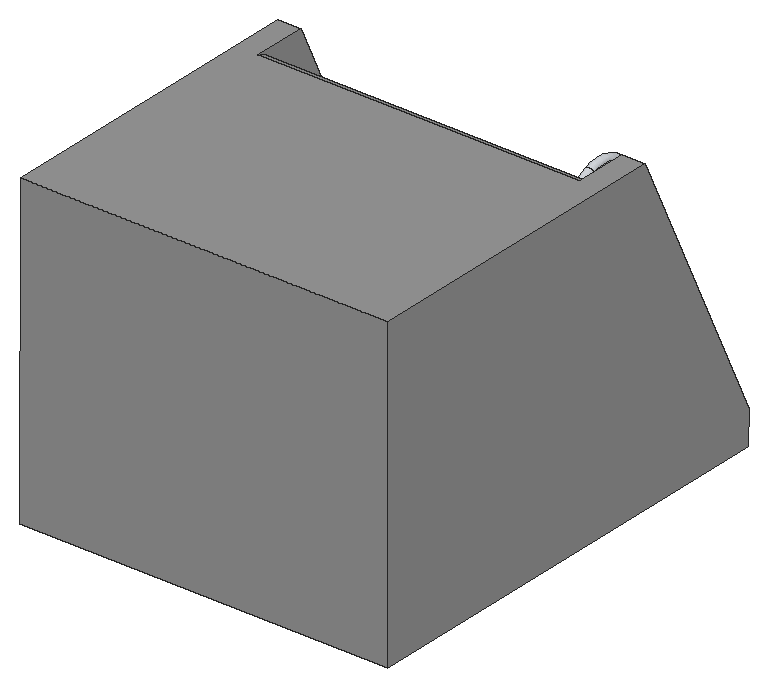
Revit family "Surgical_Scrub_Sink-Willoughby-CWSSS-1", category Plumbing Fixtures, Revit 2015
Parameters (values of type "Standard")
  Waste DIA = 1 1/2"
  Waste Connection = yes
  Vent Connection = no
  URL = "https://www.willoughby-ind.com/wp-content/uploads/2018/01/CWSSS.pdf"
  Revision = "A"
  Model = "CWSSS-1"
  Manufacturer = "Willoughby Industries"
  HW Connection = no
  Fixture Body = Stainless Steel AISI 304-Willoughby
  Description = "Surgical Scrub Sink, Single Station"
  Default Elevation = 0' - 0"
  Contact = "800-428-4065"
  CW Connection = no
Reference planes (in)
  plane 1 "Center (Front/Back)": y = 0
  plane 2: z = 0
  plane 3 "Center (Left/Right)": x = 0
  plane 4 "Waste HGT": y = 25
  plane 5 "Bottom Of Sink": y = 16.75
  plane 6 "Top Of Unit": y = 56
  plane 7: x = -16
  plane 8: x = 16
  plane 9: x = -14
  plane 10: x = 14
Forms (in)
  Extrusion 1, solid, material "Stainless Steel AISI 304-Willoughby" <- "Fixture Body"
    sketch origin (0, 0, 0) x (0, 1, 0) y (0, 0, 1)
      loop
        line (16.75, 0) -> (56, 0) -> (56, 2.9375) -> (52.8125, 9.77312) -> (48.4375, 8.25) -> (32.125, 8.25) -> (32.125, 14.6875) -> (34.9375, 25.25) -> (40.1224, 25.25)
        arc (40.1224, 25.25) -> (40.9974, 26.125) -> (40.1224, 27) r 0.875
        line (40.1224, 27) -> (16.75, 27) -> (16.75, 0)
    from -14 to 14
  Extrusion 2, solid, material "Stainless Steel AISI 304-Willoughby" <- "Fixture Body"
    sketch origin (0, 0, 0) x (0, 1, 0) y (0, 0, 1)
      loop
        line (16.75, 27) -> (16.75, 0) -> (56, 0) -> (56, 2.9375) -> (44.77947, 27) -> (16.75, 27)
    from -14 to -16
  Extrusion 3, solid, material "Stainless Steel AISI 304-Willoughby" <- "Fixture Body"
    sketch origin (0, 0, 0) x (0, 1, 0) y (0, 0, 1)
      loop
        line (16.75, 27) -> (16.75, 0) -> (56, 0) -> (56, 2.9375) -> (44.77947, 27) -> (16.75, 27)
    from -14 to -16
  Extrusion 4, solid, material "Stainless Steel AISI 304-Willoughby" <- "Fixture Body"
    sketch origin (0, 0, 0) x (0, 1, 0) y (0, 0, 1)
      loop
        line (44.77947, 27) -> (16.75, 27) -> (16.75, 0) -> (56, 0) -> (56, 2.9375) -> (44.77947, 27)
    from 14 to 16
  Revolve 5, solid, material "Stainless Steel AISI 304-Willoughby" <- "Fixture Body", detail levels fine
    sketch origin (-3.125, 25, 0) x (-1, 0, 0) y (0, 0, 1)
      loop
        line (0, 0) -> (0.75, 0) -> (0.75, 3.5) -> (0, 3.5) -> (0, 0)
      axis (0, 3.5) -> (0, 0)
    angle from 0 to 360
  Sweep 6, solid
    path origin (0, 0, 0) x (0, 1, 0) y (0, 0, 1)
      loop
        line (54.41518, 6.33615) -> (61.18417, 9.49258)
        arc (61.18417, 9.49258) -> (62.55966, 13.27172) -> (58.78053, 14.64721) r 2.84375
        line (58.78053, 14.64721) -> (57.67596, 14.13214)
    profile origin (0, 57.79967, 7.91437) x (0, -0.422618, 0.906308) y (1, 0, 0)
      loop
        circle (-0.00386, 0) r 0.375
  Extrusion 7, solid
    sketch origin (0, 0, 0) x (1, 0, 0) y (0, 1, 0)
      loop
        circle (-6, 25) r 0.25
      loop
        circle (-9, 25) r 0.25
    from 0 to 1
Cuts and joins
  joined: Extrusion 1, Extrusion 2, Extrusion 3, Extrusion 4
Lines and regions (in)
  symbolic lines
    curve 1: line (16, 56, 0) -> (16, 16.75, 0)
    curve 2: line (16, 16.75, 0) -> (-16, 16.75, 0)
    curve 3: line (-16, 16.75, 0) -> (-16, 56, 0)
    curve 4: line (-16, 56, 0) -> (16, 56, 0)
    curve 14: line (0, 44.77947, 27) -> (0, 16.75, 27)
    curve 15: line (0, 16.75, 27) -> (0, 16.75, 0)
    curve 16: line (0, 16.75, 0) -> (0, 56, 0)
    curve 17: line (0, 56, 0) -> (0, 56, 2.9375)
    curve 18: line (0, 56, 2.9375) -> (0, 44.77947, 27)
    curve 19: line (-16, 25, 0) -> (16, 25, 0)
    curve 20: line (16, 25, 0) -> (16, 25, 27)
    curve 21: line (16, 25, 27) -> (-16, 25, 27)
    curve 22: line (-16, 25, 27) -> (-16, 25, 0)
    curve 23: line (16, 25, 2.9375) -> (-16, 25, 2.9375)
  symbolic lines, detail levels medium+fine
    curve 5: line (14, 52.8125, 0) -> (14, 32.125, 0)
    curve 6: line (14, 32.125, 0) -> (-14, 32.125, 0)
    curve 7: line (-14, 32.125, 0) -> (-14, 52.8125, 0)
    curve 8: line (-14, 52.8125, 0) -> (14, 52.8125, 0)
    curve 24: line (14, 25, 8.25) -> (14, 25, 25.25)
    curve 25: line (14, 25, 25.25) -> (-14, 25, 25.25)
    curve 26: line (-14, 25, 25.25) -> (-14, 25, 8.25)
    curve 27: line (-14, 25, 8.25) -> (14, 25, 8.25)
  symbolic lines, detail levels fine
    curve 9: line (-14, 48.4375, 0) -> (14, 48.4375, 0)
    curve 10: line (-14, 40.9375, 0) -> (14, 40.9375, 0)
    curve 11: line (-14, 34.9375, 0) -> (14, 34.9375, 0)
    curve 12: line (-16, 44.77947, 0) -> (-14, 44.77947, 0)
    curve 13: line (14, 44.77947, 0) -> (16, 44.77947, 0)
    curve 28: line (14, 25, 14.6875) -> (-14, 25, 14.6875)
    curve 29: line (-14, 25, 9.77312) -> (14, 25, 9.77312)
Dimensions and locks (in)
  cut or joined group of Extrusion 1, Extrusion 2, Extrusion 3, Extrusion 4 to cut or joined group of Extrusion 1, Extrusion 2, Extrusion 3, Extrusion 4 = 2' - 8"
  aligned and locked: plane 9 to Extrusion 1
  aligned and locked: Extrusion 1 to plane 10
  aligned and locked: plane 6 "Top Of Unit" to Extrusion 1
  aligned and locked: Extrusion 1 sketch curve to plane 5 "Bottom Of Sink"
  aligned and locked: plane 6 "Top Of Unit" to Extrusion 2
  aligned and locked: Revolve 5 sketch curve to Revolve 5 sketch curve  (x2)
Connectors (in)
  piping at (-3.125, 25, 0), diameter 1.5, driven by "Waste DIA", driven by "Waste Connection"
    settings: on Revolve 5, index 1, connector inside diameter 24", connector length 0' - 0", flow factor 0, pipe flow 0 GPM, pressure drop 0.00 psi, fitting loss kfactor 0, connector angle 0.00°, fixture units 0, engagement length 0' - 0", angle of deflection 0.00°, flow configuration 0, flow direction 2, fitting loss method 0, system type 16, joint type 0, gender type 0, connector reference index -1, connector utility 1, adjustable connector no, is connector primary yes, connector description "Sink Waste"
  piping at (-6, 25, 1), diameter 0.5
    settings: on Extrusion 7, index 2, connector inside diameter 24", connector length 0' - 0", flow factor 0, pipe flow 0 GPM, pressure drop 0.00 psi, fitting loss kfactor 0, connector angle 0.00°, fixture units 0, engagement length 0' - 0", angle of deflection 0.00°, flow configuration 0, flow direction 0, fitting loss method 0, system type 20, joint type 0, gender type 0, connector reference index -1, connector utility 0, adjustable connector no, is connector primary no, connector description ""
  piping at (-9, 25, 1), diameter 0.5
    settings: on Extrusion 7, index 3, connector inside diameter 24", connector length 0' - 0", flow factor 0, pipe flow 0 GPM, pressure drop 0.00 psi, fitting loss kfactor 0, connector angle 0.00°, fixture units 0, engagement length 0' - 0", angle of deflection 0.00°, flow configuration 0, flow direction 0, fitting loss method 0, system type 19, joint type 0, gender type 0, connector reference index -1, connector utility 0, adjustable connector no, is connector primary no, connector description ""
